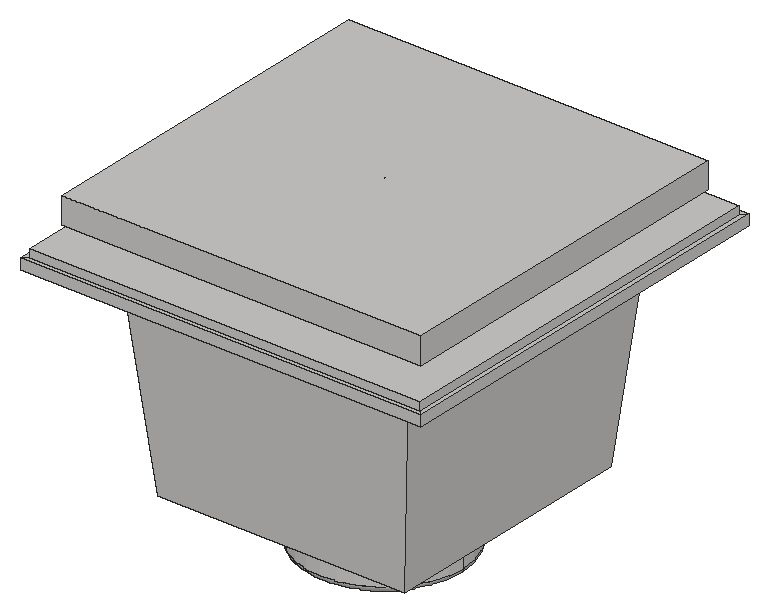
Revit family (continued)
Lines and regions (in)
  model lines
    curve 615: line (-6.70244, -2.85445, 0.4375) -> (-7.20244, -2.85445, 0.4375)
    curve 616: line (-6.70244, -2.35445, 0.4375) -> (-6.70244, -2.85445, 0.4375)
    curve 617: line (-7.20244, -3.21556, 0.4375) -> (-6.70244, -3.21556, 0.4375)
    curve 618: line (-7.20244, -3.71556, 0.4375) -> (-7.20244, -3.21556, 0.4375)
    curve 619: line (-6.70244, -3.71556, 0.4375) -> (-7.20244, -3.71556, 0.4375)
    curve 620: line (-6.70244, -3.21556, 0.4375) -> (-6.70244, -3.71556, 0.4375)
    curve 621: line (-7.20244, 4.53444, 0.4375) -> (-6.70244, 4.53444, 0.4375)
    curve 622: line (-7.20244, 4.03444, 0.4375) -> (-7.20244, 4.53444, 0.4375)
    curve 623: line (-6.70244, 4.03444, 0.4375) -> (-7.20244, 4.03444, 0.4375)
    curve 624: line (-6.70244, 4.53444, 0.4375) -> (-6.70244, 4.03444, 0.4375)
    curve 625: line (-3.98816, 6.25667, 0.4375) -> (-3.48816, 6.25667, 0.4375)
    curve 626: line (-3.98816, 5.75667, 0.4375) -> (-3.98816, 6.25667, 0.4375)
    curve 627: line (-3.48816, 5.75667, 0.4375) -> (-3.98816, 5.75667, 0.4375)
    curve 628: line (-3.48816, 6.25667, 0.4375) -> (-3.48816, 5.75667, 0.4375)
    curve 629: line (3.51184, 6.25667, 0.4375) -> (4.01184, 6.25667, 0.4375)
    curve 630: line (3.51184, 5.75667, 0.4375) -> (3.51184, 6.25667, 0.4375)
    curve 631: line (4.01184, 5.75667, 0.4375) -> (3.51184, 5.75667, 0.4375)
    curve 632: line (4.01184, 6.25667, 0.4375) -> (4.01184, 5.75667, 0.4375)
    curve 633: line (-2.91673, 6.25667, 0.4375) -> (-2.41673, 6.25667, 0.4375)
    curve 634: line (-2.91673, 5.75667, 0.4375) -> (-2.91673, 6.25667, 0.4375)
    curve 635: line (-2.41673, 5.75667, 0.4375) -> (-2.91673, 5.75667, 0.4375)
    curve 636: line (-2.41673, 6.25667, 0.4375) -> (-2.41673, 5.75667, 0.4375)
    curve 637: line (-1.8453, 6.25667, 0.4375) -> (-1.3453, 6.25667, 0.4375)
    curve 638: line (-1.8453, 5.75667, 0.4375) -> (-1.8453, 6.25667, 0.4375)
    curve 639: line (-1.3453, 5.75667, 0.4375) -> (-1.8453, 5.75667, 0.4375)
    curve 640: line (-1.3453, 6.25667, 0.4375) -> (-1.3453, 5.75667, 0.4375)
    curve 641: line (-0.77387, 6.25667, 0.4375) -> (-0.27387, 6.25667, 0.4375)
    curve 642: line (-0.77387, 5.75667, 0.4375) -> (-0.77387, 6.25667, 0.4375)
    curve 643: line (-0.27387, 5.75667, 0.4375) -> (-0.77387, 5.75667, 0.4375)
    curve 644: line (-0.27387, 6.25667, 0.4375) -> (-0.27387, 5.75667, 0.4375)
    curve 645: line (0.29756, 6.25667, 0.4375) -> (0.79756, 6.25667, 0.4375)
    curve 646: line (0.29756, 5.75667, 0.4375) -> (0.29756, 6.25667, 0.4375)
    curve 647: line (0.79756, 5.75667, 0.4375) -> (0.29756, 5.75667, 0.4375)
    curve 648: line (0.79756, 6.25667, 0.4375) -> (0.79756, 5.75667, 0.4375)
    curve 649: line (1.36898, 6.25667, 0.4375) -> (1.86898, 6.25667, 0.4375)
    curve 650: line (1.36898, 5.75667, 0.4375) -> (1.36898, 6.25667, 0.4375)
    curve 651: line (1.86898, 5.75667, 0.4375) -> (1.36898, 5.75667, 0.4375)
    curve 652: line (1.86898, 6.25667, 0.4375) -> (1.86898, 5.75667, 0.4375)
    curve 653: line (2.44041, 6.25667, 0.4375) -> (2.94041, 6.25667, 0.4375)
    curve 654: line (2.44041, 5.75667, 0.4375) -> (2.44041, 6.25667, 0.4375)
    curve 655: line (2.94041, 5.75667, 0.4375) -> (2.44041, 5.75667, 0.4375)
    curve 656: line (2.94041, 6.25667, 0.4375) -> (2.94041, 5.75667, 0.4375)
    curve 657: line (-3.98816, 5.39555, 0.4375) -> (-3.48816, 5.39555, 0.4375)
    curve 658: line (-3.98816, 4.89555, 0.4375) -> (-3.98816, 5.39555, 0.4375)
    curve 659: line (-3.48816, 4.89555, 0.4375) -> (-3.98816, 4.89555, 0.4375)
    curve 660: line (-3.48816, 5.39555, 0.4375) -> (-3.48816, 4.89555, 0.4375)
    curve 661: line (3.51184, 5.39555, 0.4375) -> (4.01184, 5.39555, 0.4375)
    curve 662: line (3.51184, 4.89555, 0.4375) -> (3.51184, 5.39555, 0.4375)
    curve 663: line (4.01184, 4.89555, 0.4375) -> (3.51184, 4.89555, 0.4375)
    curve 664: line (4.01184, 5.39555, 0.4375) -> (4.01184, 4.89555, 0.4375)
    curve 665: line (-2.91673, 5.39555, 0.4375) -> (-2.41673, 5.39555, 0.4375)
    curve 666: line (-2.91673, 4.89555, 0.4375) -> (-2.91673, 5.39555, 0.4375)
    curve 667: line (-2.41673, 4.89555, 0.4375) -> (-2.91673, 4.89555, 0.4375)
    curve 668: line (-2.41673, 5.39555, 0.4375) -> (-2.41673, 4.89555, 0.4375)
    curve 669: line (-1.8453, 5.39555, 0.4375) -> (-1.3453, 5.39555, 0.4375)
    curve 670: line (-1.8453, 4.89555, 0.4375) -> (-1.8453, 5.39555, 0.4375)
    curve 671: line (-1.3453, 4.89555, 0.4375) -> (-1.8453, 4.89555, 0.4375)
    curve 672: line (-1.3453, 5.39555, 0.4375) -> (-1.3453, 4.89555, 0.4375)
    curve 673: line (-0.77387, 5.39555, 0.4375) -> (-0.27387, 5.39555, 0.4375)
    curve 674: line (-0.77387, 4.89555, 0.4375) -> (-0.77387, 5.39555, 0.4375)
    curve 675: line (-0.27387, 4.89555, 0.4375) -> (-0.77387, 4.89555, 0.4375)
    curve 676: line (-0.27387, 5.39555, 0.4375) -> (-0.27387, 4.89555, 0.4375)
    curve 677: line (0.29756, 5.39555, 0.4375) -> (0.79756, 5.39555, 0.4375)
    curve 678: line (0.29756, 4.89555, 0.4375) -> (0.29756, 5.39555, 0.4375)
    curve 679: line (0.79756, 4.89555, 0.4375) -> (0.29756, 4.89555, 0.4375)
    curve 680: line (0.79756, 5.39555, 0.4375) -> (0.79756, 4.89555, 0.4375)
    curve 681: line (1.36898, 5.39555, 0.4375) -> (1.86898, 5.39555, 0.4375)
    curve 682: line (1.36898, 4.89555, 0.4375) -> (1.36898, 5.39555, 0.4375)
    curve 683: line (1.86898, 4.89555, 0.4375) -> (1.36898, 4.89555, 0.4375)
    curve 684: line (1.86898, 5.39555, 0.4375) -> (1.86898, 4.89555, 0.4375)
    curve 685: line (2.44041, 5.39555, 0.4375) -> (2.94041, 5.39555, 0.4375)
    curve 686: line (2.44041, 4.89555, 0.4375) -> (2.44041, 5.39555, 0.4375)
    curve 687: line (2.94041, 4.89555, 0.4375) -> (2.44041, 4.89555, 0.4375)
    curve 688: line (2.94041, 5.39555, 0.4375) -> (2.94041, 4.89555, 0.4375)
    curve 689: line (-3.98816, 7.11778, 0.4375) -> (-3.48816, 7.11778, 0.4375)
    curve 690: line (-3.98816, 6.61778, 0.4375) -> (-3.98816, 7.11778, 0.4375)
    curve 691: line (-3.48816, 6.61778, 0.4375) -> (-3.98816, 6.61778, 0.4375)
    curve 692: line (-3.48816, 7.11778, 0.4375) -> (-3.48816, 6.61778, 0.4375)
    curve 693: line (3.51184, 7.11778, 0.4375) -> (4.01184, 7.11778, 0.4375)
    curve 694: line (3.51184, 6.61778, 0.4375) -> (3.51184, 7.11778, 0.4375)
    curve 695: line (4.01184, 6.61778, 0.4375) -> (3.51184, 6.61778, 0.4375)
    curve 696: line (4.01184, 7.11778, 0.4375) -> (4.01184, 6.61778, 0.4375)
    curve 697: line (-2.91673, 7.11778, 0.4375) -> (-2.41673, 7.11778, 0.4375)
    curve 698: line (-2.91673, 6.61778, 0.4375) -> (-2.91673, 7.11778, 0.4375)
    curve 699: line (-2.41673, 6.61778, 0.4375) -> (-2.91673, 6.61778, 0.4375)
    curve 700: line (-2.41673, 7.11778, 0.4375) -> (-2.41673, 6.61778, 0.4375)
    curve 701: line (-1.8453, 7.11778, 0.4375) -> (-1.3453, 7.11778, 0.4375)
    curve 702: line (-1.8453, 6.61778, 0.4375) -> (-1.8453, 7.11778, 0.4375)
    curve 703: line (-1.3453, 6.61778, 0.4375) -> (-1.8453, 6.61778, 0.4375)
    curve 704: line (-1.3453, 7.11778, 0.4375) -> (-1.3453, 6.61778, 0.4375)
    curve 705: line (-0.77387, 7.11778, 0.4375) -> (-0.27387, 7.11778, 0.4375)
    curve 706: line (-0.77387, 6.61778, 0.4375) -> (-0.77387, 7.11778, 0.4375)
    curve 707: line (-0.27387, 6.61778, 0.4375) -> (-0.77387, 6.61778, 0.4375)
    curve 708: line (-0.27387, 7.11778, 0.4375) -> (-0.27387, 6.61778, 0.4375)
    curve 709: line (0.29756, 7.11778, 0.4375) -> (0.79756, 7.11778, 0.4375)
    curve 710: line (0.29756, 6.61778, 0.4375) -> (0.29756, 7.11778, 0.4375)
    curve 711: line (0.79756, 6.61778, 0.4375) -> (0.29756, 6.61778, 0.4375)
    curve 712: line (0.79756, 7.11778, 0.4375) -> (0.79756, 6.61778, 0.4375)
    curve 713: line (1.36898, 7.11778, 0.4375) -> (1.86898, 7.11778, 0.4375)
    curve 714: line (1.36898, 6.61778, 0.4375) -> (1.36898, 7.11778, 0.4375)
    curve 715: line (1.86898, 6.61778, 0.4375) -> (1.36898, 6.61778, 0.4375)
    curve 716: line (1.86898, 7.11778, 0.4375) -> (1.86898, 6.61778, 0.4375)
    curve 717: line (2.44041, 7.11778, 0.4375) -> (2.94041, 7.11778, 0.4375)
    curve 718: line (2.44041, 6.61778, 0.4375) -> (2.44041, 7.11778, 0.4375)
    curve 719: line (2.94041, 6.61778, 0.4375) -> (2.44041, 6.61778, 0.4375)
    curve 720: line (2.94041, 7.11778, 0.4375) -> (2.94041, 6.61778, 0.4375)
    curve 721: line (4.58327, 6.25667, 0.4375) -> (5.08327, 6.25667, 0.4375)
    curve 722: line (4.58327, 5.75667, 0.4375) -> (4.58327, 6.25667, 0.4375)
    curve 723: line (5.08327, 5.75667, 0.4375) -> (4.58327, 5.75667, 0.4375)
    curve 724: line (5.08327, 6.25667, 0.4375) -> (5.08327, 5.75667, 0.4375)
    curve 725: line (4.58327, 5.39555, 0.4375) -> (5.08327, 5.39555, 0.4375)
    curve 726: line (4.58327, 4.89555, 0.4375) -> (4.58327, 5.39555, 0.4375)
    curve 727: line (5.08327, 4.89555, 0.4375) -> (4.58327, 4.89555, 0.4375)
    curve 728: line (5.08327, 5.39555, 0.4375) -> (5.08327, 4.89555, 0.4375)
    curve 729: line (4.58327, 7.11778, 0.4375) -> (5.08327, 7.11778, 0.4375)
    curve 730: line (4.58327, 6.61778, 0.4375) -> (4.58327, 7.11778, 0.4375)
    curve 731: line (5.08327, 6.61778, 0.4375) -> (4.58327, 6.61778, 0.4375)
    curve 732: line (5.08327, 7.11778, 0.4375) -> (5.08327, 6.61778, 0.4375)
    curve 733: line (5.6547, 6.25667, 0.4375) -> (6.1547, 6.25667, 0.4375)
    curve 734: line (5.6547, 5.75667, 0.4375) -> (5.6547, 6.25667, 0.4375)
    curve 735: line (6.1547, 5.75667, 0.4375) -> (5.6547, 5.75667, 0.4375)
    curve 736: line (6.1547, 6.25667, 0.4375) -> (6.1547, 5.75667, 0.4375)
    curve 737: line (5.6547, 5.39555, 0.4375) -> (6.1547, 5.39555, 0.4375)
    curve 738: line (5.6547, 4.89555, 0.4375) -> (5.6547, 5.39555, 0.4375)
    curve 739: line (6.1547, 4.89555, 0.4375) -> (5.6547, 4.89555, 0.4375)
    curve 740: line (6.1547, 5.39555, 0.4375) -> (6.1547, 4.89555, 0.4375)
    curve 741: line (5.6547, 7.11778, 0.4375) -> (6.1547, 7.11778, 0.4375)
    curve 742: line (5.6547, 6.61778, 0.4375) -> (5.6547, 7.11778, 0.4375)
    curve 743: line (6.1547, 6.61778, 0.4375) -> (5.6547, 6.61778, 0.4375)
    curve 744: line (6.1547, 7.11778, 0.4375) -> (6.1547, 6.61778, 0.4375)
    curve 745: line (6.72613, 6.25667, 0.4375) -> (7.22613, 6.25667, 0.4375)
    curve 746: line (6.72613, 5.75667, 0.4375) -> (6.72613, 6.25667, 0.4375)
    curve 747: line (7.22613, 5.75667, 0.4375) -> (6.72613, 5.75667, 0.4375)
    curve 748: line (7.22613, 6.25667, 0.4375) -> (7.22613, 5.75667, 0.4375)
    curve 749: line (6.72613, 5.39555, 0.4375) -> (7.22613, 5.39555, 0.4375)
    curve 750: line (6.72613, 4.89555, 0.4375) -> (6.72613, 5.39555, 0.4375)
    curve 751: line (7.22613, 4.89555, 0.4375) -> (6.72613, 4.89555, 0.4375)
    curve 752: line (7.22613, 5.39555, 0.4375) -> (7.22613, 4.89555, 0.4375)
    curve 753: line (6.72613, 7.11778, 0.4375) -> (7.22613, 7.11778, 0.4375)
    curve 754: line (6.72613, 6.61778, 0.4375) -> (6.72613, 7.11778, 0.4375)
    curve 755: line (7.22613, 6.61778, 0.4375) -> (6.72613, 6.61778, 0.4375)
    curve 756: line (7.22613, 7.11778, 0.4375) -> (7.22613, 6.61778, 0.4375)
    curve 757: line (-6.13102, 6.25667, 0.4375) -> (-5.63102, 6.25667, 0.4375)
    curve 758: line (-6.13102, 5.75667, 0.4375) -> (-6.13102, 6.25667, 0.4375)
    curve 759: line (-5.63102, 5.75667, 0.4375) -> (-6.13102, 5.75667, 0.4375)
    curve 760: line (-5.63102, 6.25667, 0.4375) -> (-5.63102, 5.75667, 0.4375)
    curve 761: line (-5.05959, 6.25667, 0.4375) -> (-4.55959, 6.25667, 0.4375)
    curve 762: line (-5.05959, 5.75667, 0.4375) -> (-5.05959, 6.25667, 0.4375)
    curve 763: line (-4.55959, 5.75667, 0.4375) -> (-5.05959, 5.75667, 0.4375)
    curve 764: line (-4.55959, 6.25667, 0.4375) -> (-4.55959, 5.75667, 0.4375)
    curve 765: line (-6.13102, 5.39555, 0.4375) -> (-5.63102, 5.39555, 0.4375)
    curve 766: line (-6.13102, 4.89555, 0.4375) -> (-6.13102, 5.39555, 0.4375)
    curve 767: line (-5.63102, 4.89555, 0.4375) -> (-6.13102, 4.89555, 0.4375)
    curve 768: line (-5.63102, 5.39555, 0.4375) -> (-5.63102, 4.89555, 0.4375)
    curve 769: line (-5.05959, 5.39555, 0.4375) -> (-4.55959, 5.39555, 0.4375)
    curve 770: line (-5.05959, 4.89555, 0.4375) -> (-5.05959, 5.39555, 0.4375)
    curve 771: line (-4.55959, 4.89555, 0.4375) -> (-5.05959, 4.89555, 0.4375)
    curve 772: line (-4.55959, 5.39555, 0.4375) -> (-4.55959, 4.89555, 0.4375)
    curve 773: line (-6.13102, 7.11778, 0.4375) -> (-5.63102, 7.11778, 0.4375)
    curve 774: line (-6.13102, 6.61778, 0.4375) -> (-6.13102, 7.11778, 0.4375)
    curve 775: line (-5.63102, 6.61778, 0.4375) -> (-6.13102, 6.61778, 0.4375)
    curve 776: line (-5.63102, 7.11778, 0.4375) -> (-5.63102, 6.61778, 0.4375)
    curve 777: line (-5.05959, 7.11778, 0.4375) -> (-4.55959, 7.11778, 0.4375)
    curve 778: line (-5.05959, 6.61778, 0.4375) -> (-5.05959, 7.11778, 0.4375)
    curve 779: line (-4.55959, 6.61778, 0.4375) -> (-5.05959, 6.61778, 0.4375)
    curve 780: line (-4.55959, 7.11778, 0.4375) -> (-4.55959, 6.61778, 0.4375)
    curve 781: line (-7.20244, 6.25667, 0.4375) -> (-6.70244, 6.25667, 0.4375)
    curve 782: line (-7.20244, 5.75667, 0.4375) -> (-7.20244, 6.25667, 0.4375)
    curve 783: line (-6.70244, 5.75667, 0.4375) -> (-7.20244, 5.75667, 0.4375)
    curve 784: line (-6.70244, 6.25667, 0.4375) -> (-6.70244, 5.75667, 0.4375)
    curve 785: line (-7.20244, 5.39555, 0.4375) -> (-6.70244, 5.39555, 0.4375)
    curve 786: line (-7.20244, 4.89555, 0.4375) -> (-7.20244, 5.39555, 0.4375)
    curve 787: line (-6.70244, 4.89555, 0.4375) -> (-7.20244, 4.89555, 0.4375)
    curve 788: line (-6.70244, 5.39555, 0.4375) -> (-6.70244, 4.89555, 0.4375)
    curve 789: line (-7.20244, 7.11778, 0.4375) -> (-6.70244, 7.11778, 0.4375)
    curve 790: line (-7.20244, 6.61778, 0.4375) -> (-7.20244, 7.11778, 0.4375)
    curve 791: line (-6.70244, 6.61778, 0.4375) -> (-7.20244, 6.61778, 0.4375)
    curve 792: line (-6.70244, 7.11778, 0.4375) -> (-6.70244, 6.61778, 0.4375)
    curve 793: line (-3.98816, -4.93778, 0.4375) -> (-3.48816, -4.93778, 0.4375)
    curve 794: line (-3.98816, -5.43778, 0.4375) -> (-3.98816, -4.93778, 0.4375)
    curve 795: line (-3.48816, -5.43778, 0.4375) -> (-3.98816, -5.43778, 0.4375)
    curve 796: line (-3.48816, -4.93778, 0.4375) -> (-3.48816, -5.43778, 0.4375)
    curve 797: line (3.51184, -4.93778, 0.4375) -> (4.01184, -4.93778, 0.4375)
    curve 798: line (3.51184, -5.43778, 0.4375) -> (3.51184, -4.93778, 0.4375)
    curve 799: line (4.01184, -5.43778, 0.4375) -> (3.51184, -5.43778, 0.4375)
    curve 800: line (4.01184, -4.93778, 0.4375) -> (4.01184, -5.43778, 0.4375)
    curve 801: line (-2.91673, -4.93778, 0.4375) -> (-2.41673, -4.93778, 0.4375)
    curve 802: line (-2.91673, -5.43778, 0.4375) -> (-2.91673, -4.93778, 0.4375)
    curve 803: line (-2.41673, -5.43778, 0.4375) -> (-2.91673, -5.43778, 0.4375)
    curve 804: line (-2.41673, -4.93778, 0.4375) -> (-2.41673, -5.43778, 0.4375)
    curve 805: line (-1.8453, -4.93778, 0.4375) -> (-1.3453, -4.93778, 0.4375)
    curve 806: line (-1.8453, -5.43778, 0.4375) -> (-1.8453, -4.93778, 0.4375)
    curve 807: line (-1.3453, -5.43778, 0.4375) -> (-1.8453, -5.43778, 0.4375)
    curve 808: line (-1.3453, -4.93778, 0.4375) -> (-1.3453, -5.43778, 0.4375)
    curve 809: line (-0.77387, -4.93778, 0.4375) -> (-0.27387, -4.93778, 0.4375)
    curve 810: line (-0.77387, -5.43778, 0.4375) -> (-0.77387, -4.93778, 0.4375)
    curve 811: line (-0.27387, -5.43778, 0.4375) -> (-0.77387, -5.43778, 0.4375)
    curve 812: line (-0.27387, -4.93778, 0.4375) -> (-0.27387, -5.43778, 0.4375)
    curve 813: line (0.29756, -4.93778, 0.4375) -> (0.79756, -4.93778, 0.4375)
    curve 814: line (0.29756, -5.43778, 0.4375) -> (0.29756, -4.93778, 0.4375)
    curve 815: line (0.79756, -5.43778, 0.4375) -> (0.29756, -5.43778, 0.4375)
    curve 816: line (0.79756, -4.93778, 0.4375) -> (0.79756, -5.43778, 0.4375)
    curve 817: line (1.36898, -4.93778, 0.4375) -> (1.86898, -4.93778, 0.4375)
    curve 818: line (1.36898, -5.43778, 0.4375) -> (1.36898, -4.93778, 0.4375)
    curve 819: line (1.86898, -5.43778, 0.4375) -> (1.36898, -5.43778, 0.4375)
    curve 820: line (1.86898, -4.93778, 0.4375) -> (1.86898, -5.43778, 0.4375)
    curve 821: line (2.44041, -4.93778, 0.4375) -> (2.94041, -4.93778, 0.4375)
    curve 822: line (2.44041, -5.43778, 0.4375) -> (2.44041, -4.93778, 0.4375)
    curve 823: line (2.94041, -5.43778, 0.4375) -> (2.44041, -5.43778, 0.4375)
    curve 824: line (2.94041, -4.93778, 0.4375) -> (2.94041, -5.43778, 0.4375)
    curve 825: line (-3.98816, -5.79889, 0.4375) -> (-3.48816, -5.79889, 0.4375)
    curve 826: line (-3.98816, -6.29889, 0.4375) -> (-3.98816, -5.79889, 0.4375)
    curve 827: line (-3.48816, -6.29889, 0.4375) -> (-3.98816, -6.29889, 0.4375)
    curve 828: line (-3.48816, -5.79889, 0.4375) -> (-3.48816, -6.29889, 0.4375)
    curve 829: line (3.51184, -5.79889, 0.4375) -> (4.01184, -5.79889, 0.4375)
    curve 830: line (3.51184, -6.29889, 0.4375) -> (3.51184, -5.79889, 0.4375)
    curve 831: line (4.01184, -6.29889, 0.4375) -> (3.51184, -6.29889, 0.4375)
    curve 832: line (4.01184, -5.79889, 0.4375) -> (4.01184, -6.29889, 0.4375)
    curve 833: line (-2.91673, -5.79889, 0.4375) -> (-2.41673, -5.79889, 0.4375)
    curve 834: line (-2.91673, -6.29889, 0.4375) -> (-2.91673, -5.79889, 0.4375)
    curve 835: line (-2.41673, -6.29889, 0.4375) -> (-2.91673, -6.29889, 0.4375)
    curve 836: line (-2.41673, -5.79889, 0.4375) -> (-2.41673, -6.29889, 0.4375)
    curve 837: line (-1.8453, -5.79889, 0.4375) -> (-1.3453, -5.79889, 0.4375)
    curve 838: line (-1.8453, -6.29889, 0.4375) -> (-1.8453, -5.79889, 0.4375)
    curve 839: line (-1.3453, -6.29889, 0.4375) -> (-1.8453, -6.29889, 0.4375)
    curve 840: line (-1.3453, -5.79889, 0.4375) -> (-1.3453, -6.29889, 0.4375)
    curve 841: line (-0.77387, -5.79889, 0.4375) -> (-0.27387, -5.79889, 0.4375)
    curve 842: line (-0.77387, -6.29889, 0.4375) -> (-0.77387, -5.79889, 0.4375)
    curve 843: line (-0.27387, -6.29889, 0.4375) -> (-0.77387, -6.29889, 0.4375)
    curve 844: line (-0.27387, -5.79889, 0.4375) -> (-0.27387, -6.29889, 0.4375)
    curve 845: line (0.29756, -5.79889, 0.4375) -> (0.79756, -5.79889, 0.4375)
    curve 846: line (0.29756, -6.29889, 0.4375) -> (0.29756, -5.79889, 0.4375)
    curve 847: line (0.79756, -6.29889, 0.4375) -> (0.29756, -6.29889, 0.4375)
    curve 848: line (0.79756, -5.79889, 0.4375) -> (0.79756, -6.29889, 0.4375)
    curve 849: line (1.36898, -5.79889, 0.4375) -> (1.86898, -5.79889, 0.4375)
    curve 850: line (1.36898, -6.29889, 0.4375) -> (1.36898, -5.79889, 0.4375)
    curve 851: line (1.86898, -6.29889, 0.4375) -> (1.36898, -6.29889, 0.4375)
    curve 852: line (1.86898, -5.79889, 0.4375) -> (1.86898, -6.29889, 0.4375)
    curve 853: line (2.44041, -5.79889, 0.4375) -> (2.94041, -5.79889, 0.4375)
    curve 854: line (2.44041, -6.29889, 0.4375) -> (2.44041, -5.79889, 0.4375)
    curve 855: line (2.94041, -6.29889, 0.4375) -> (2.44041, -6.29889, 0.4375)
    curve 856: line (2.94041, -5.79889, 0.4375) -> (2.94041, -6.29889, 0.4375)
    curve 857: line (-3.98816, -6.66, 0.4375) -> (-3.48816, -6.66, 0.4375)
    curve 858: line (-3.98816, -7.16, 0.4375) -> (-3.98816, -6.66, 0.4375)
    curve 859: line (-3.48816, -7.16, 0.4375) -> (-3.98816, -7.16, 0.4375)
    curve 860: line (-3.48816, -6.66, 0.4375) -> (-3.48816, -7.16, 0.4375)
    curve 861: line (3.51184, -6.66, 0.4375) -> (4.01184, -6.66, 0.4375)
    curve 862: line (3.51184, -7.16, 0.4375) -> (3.51184, -6.66, 0.4375)
    curve 863: line (4.01184, -7.16, 0.4375) -> (3.51184, -7.16, 0.4375)
    curve 864: line (4.01184, -6.66, 0.4375) -> (4.01184, -7.16, 0.4375)
    curve 865: line (-2.91673, -6.66, 0.4375) -> (-2.41673, -6.66, 0.4375)
    curve 866: line (-2.91673, -7.16, 0.4375) -> (-2.91673, -6.66, 0.4375)
    curve 867: line (-2.41673, -7.16, 0.4375) -> (-2.91673, -7.16, 0.4375)
    curve 868: line (-2.41673, -6.66, 0.4375) -> (-2.41673, -7.16, 0.4375)
    curve 869: line (-1.8453, -6.66, 0.4375) -> (-1.3453, -6.66, 0.4375)
    curve 870: line (-1.8453, -7.16, 0.4375) -> (-1.8453, -6.66, 0.4375)
    curve 871: line (-1.3453, -7.16, 0.4375) -> (-1.8453, -7.16, 0.4375)
    curve 872: line (-1.3453, -6.66, 0.4375) -> (-1.3453, -7.16, 0.4375)
    curve 873: line (-0.77387, -6.66, 0.4375) -> (-0.27387, -6.66, 0.4375)
    curve 874: line (-0.77387, -7.16, 0.4375) -> (-0.77387, -6.66, 0.4375)
    curve 875: line (-0.27387, -7.16, 0.4375) -> (-0.77387, -7.16, 0.4375)
    curve 876: line (-0.27387, -6.66, 0.4375) -> (-0.27387, -7.16, 0.4375)
    curve 877: line (0.29756, -6.66, 0.4375) -> (0.79756, -6.66, 0.4375)
    curve 878: line (0.29756, -7.16, 0.4375) -> (0.29756, -6.66, 0.4375)
    curve 879: line (0.79756, -7.16, 0.4375) -> (0.29756, -7.16, 0.4375)
    curve 880: line (0.79756, -6.66, 0.4375) -> (0.79756, -7.16, 0.4375)
    curve 881: line (1.36898, -6.66, 0.4375) -> (1.86898, -6.66, 0.4375)
    curve 882: line (1.36898, -7.16, 0.4375) -> (1.36898, -6.66, 0.4375)
    curve 883: line (1.86898, -7.16, 0.4375) -> (1.36898, -7.16, 0.4375)
    curve 884: line (1.86898, -6.66, 0.4375) -> (1.86898, -7.16, 0.4375)
    curve 885: line (2.44041, -6.66, 0.4375) -> (2.94041, -6.66, 0.4375)
    curve 886: line (2.44041, -7.16, 0.4375) -> (2.44041, -6.66, 0.4375)
    curve 887: line (2.94041, -7.16, 0.4375) -> (2.44041, -7.16, 0.4375)
    curve 888: line (2.94041, -6.66, 0.4375) -> (2.94041, -7.16, 0.4375)
    curve 889: line (4.58327, -4.93778, 0.4375) -> (5.08327, -4.93778, 0.4375)
    curve 890: line (4.58327, -5.43778, 0.4375) -> (4.58327, -4.93778, 0.4375)
    curve 891: line (5.08327, -5.43778, 0.4375) -> (4.58327, -5.43778, 0.4375)
    curve 892: line (5.08327, -4.93778, 0.4375) -> (5.08327, -5.43778, 0.4375)
    curve 893: line (4.58327, -5.79889, 0.4375) -> (5.08327, -5.79889, 0.4375)
    curve 894: line (4.58327, -6.29889, 0.4375) -> (4.58327, -5.79889, 0.4375)
    curve 895: line (5.08327, -6.29889, 0.4375) -> (4.58327, -6.29889, 0.4375)
    curve 896: line (5.08327, -5.79889, 0.4375) -> (5.08327, -6.29889, 0.4375)
    curve 897: line (4.58327, -6.66, 0.4375) -> (5.08327, -6.66, 0.4375)
    curve 898: line (4.58327, -7.16, 0.4375) -> (4.58327, -6.66, 0.4375)
    curve 899: line (5.08327, -7.16, 0.4375) -> (4.58327, -7.16, 0.4375)
    curve 900: line (5.08327, -6.66, 0.4375) -> (5.08327, -7.16, 0.4375)
    curve 901: line (5.6547, -4.93778, 0.4375) -> (6.1547, -4.93778, 0.4375)
    curve 902: line (5.6547, -5.43778, 0.4375) -> (5.6547, -4.93778, 0.4375)
    curve 903: line (6.1547, -5.43778, 0.4375) -> (5.6547, -5.43778, 0.4375)
    curve 904: line (6.1547, -4.93778, 0.4375) -> (6.1547, -5.43778, 0.4375)
    curve 905: line (5.6547, -5.79889, 0.4375) -> (6.1547, -5.79889, 0.4375)
    curve 906: line (5.6547, -6.29889, 0.4375) -> (5.6547, -5.79889, 0.4375)
    curve 907: line (6.1547, -6.29889, 0.4375) -> (5.6547, -6.29889, 0.4375)
    curve 908: line (6.1547, -5.79889, 0.4375) -> (6.1547, -6.29889, 0.4375)
    curve 909: line (5.6547, -6.66, 0.4375) -> (6.1547, -6.66, 0.4375)
    curve 910: line (5.6547, -7.16, 0.4375) -> (5.6547, -6.66, 0.4375)
    curve 911: line (6.1547, -7.16, 0.4375) -> (5.6547, -7.16, 0.4375)
    curve 912: line (6.1547, -6.66, 0.4375) -> (6.1547, -7.16, 0.4375)
    curve 913: line (6.72613, -4.93778, 0.4375) -> (7.22613, -4.93778, 0.4375)
    curve 914: line (6.72613, -5.43778, 0.4375) -> (6.72613, -4.93778, 0.4375)
    curve 915: line (7.22613, -5.43778, 0.4375) -> (6.72613, -5.43778, 0.4375)
    curve 916: line (7.22613, -4.93778, 0.4375) -> (7.22613, -5.43778, 0.4375)
    curve 917: line (6.72613, -5.79889, 0.4375) -> (7.22613, -5.79889, 0.4375)
    curve 918: line (6.72613, -6.29889, 0.4375) -> (6.72613, -5.79889, 0.4375)
    curve 919: line (7.22613, -6.29889, 0.4375) -> (6.72613, -6.29889, 0.4375)
    curve 920: line (7.22613, -5.79889, 0.4375) -> (7.22613, -6.29889, 0.4375)
    curve 921: line (6.72613, -6.66, 0.4375) -> (7.22613, -6.66, 0.4375)
    curve 922: line (6.72613, -7.16, 0.4375) -> (6.72613, -6.66, 0.4375)
    curve 923: line (7.22613, -7.16, 0.4375) -> (6.72613, -7.16, 0.4375)
    curve 924: line (7.22613, -6.66, 0.4375) -> (7.22613, -7.16, 0.4375)
    curve 925: line (-6.13102, -4.93778, 0.4375) -> (-5.63102, -4.93778, 0.4375)
    curve 926: line (-6.13102, -5.43778, 0.4375) -> (-6.13102, -4.93778, 0.4375)
    curve 927: line (-5.63102, -5.43778, 0.4375) -> (-6.13102, -5.43778, 0.4375)
    curve 928: line (-5.63102, -4.93778, 0.4375) -> (-5.63102, -5.43778, 0.4375)
    curve 929: line (-5.05959, -4.93778, 0.4375) -> (-4.55959, -4.93778, 0.4375)
    curve 930: line (-5.05959, -5.43778, 0.4375) -> (-5.05959, -4.93778, 0.4375)
    curve 931: line (-4.55959, -5.43778, 0.4375) -> (-5.05959, -5.43778, 0.4375)
    curve 932: line (-4.55959, -4.93778, 0.4375) -> (-4.55959, -5.43778, 0.4375)
    curve 933: line (-6.13102, -5.79889, 0.4375) -> (-5.63102, -5.79889, 0.4375)
    curve 934: line (-6.13102, -6.29889, 0.4375) -> (-6.13102, -5.79889, 0.4375)
    curve 935: line (-5.63102, -6.29889, 0.4375) -> (-6.13102, -6.29889, 0.4375)
    curve 936: line (-5.63102, -5.79889, 0.4375) -> (-5.63102, -6.29889, 0.4375)
    curve 937: line (-5.05959, -5.79889, 0.4375) -> (-4.55959, -5.79889, 0.4375)
    curve 938: line (-5.05959, -6.29889, 0.4375) -> (-5.05959, -5.79889, 0.4375)
    curve 939: line (-4.55959, -6.29889, 0.4375) -> (-5.05959, -6.29889, 0.4375)
    curve 940: line (-4.55959, -5.79889, 0.4375) -> (-4.55959, -6.29889, 0.4375)
    curve 941: line (-6.13102, -6.66, 0.4375) -> (-5.63102, -6.66, 0.4375)
    curve 942: line (-6.13102, -7.16, 0.4375) -> (-6.13102, -6.66, 0.4375)
    curve 943: line (-5.63102, -7.16, 0.4375) -> (-6.13102, -7.16, 0.4375)
    curve 944: line (-5.63102, -6.66, 0.4375) -> (-5.63102, -7.16, 0.4375)
    curve 945: line (-5.05959, -6.66, 0.4375) -> (-4.55959, -6.66, 0.4375)
    curve 946: line (-5.05959, -7.16, 0.4375) -> (-5.05959, -6.66, 0.4375)
    curve 947: line (-4.55959, -7.16, 0.4375) -> (-5.05959, -7.16, 0.4375)
    curve 948: line (-4.55959, -6.66, 0.4375) -> (-4.55959, -7.16, 0.4375)
    curve 949: line (-7.20244, -4.93778, 0.4375) -> (-6.70244, -4.93778, 0.4375)
    curve 950: line (-7.20244, -5.43778, 0.4375) -> (-7.20244, -4.93778, 0.4375)
    curve 951: line (-6.70244, -5.43778, 0.4375) -> (-7.20244, -5.43778, 0.4375)
    curve 952: line (-6.70244, -4.93778, 0.4375) -> (-6.70244, -5.43778, 0.4375)
    curve 953: line (-7.20244, -5.79889, 0.4375) -> (-6.70244, -5.79889, 0.4375)
    curve 954: line (-7.20244, -6.29889, 0.4375) -> (-7.20244, -5.79889, 0.4375)
    curve 955: line (-6.70244, -6.29889, 0.4375) -> (-7.20244, -6.29889, 0.4375)
    curve 956: line (-6.70244, -5.79889, 0.4375) -> (-6.70244, -6.29889, 0.4375)
    curve 957: line (-7.20244, -6.66, 0.4375) -> (-6.70244, -6.66, 0.4375)
    curve 958: line (-7.20244, -7.16, 0.4375) -> (-7.20244, -6.66, 0.4375)
    curve 959: line (-6.70244, -7.16, 0.4375) -> (-7.20244, -7.16, 0.4375)
    curve 960: line (-6.70244, -6.66, 0.4375) -> (-6.70244, -7.16, 0.4375)
Dimensions and locks (in)
  equal spacing: plane 4, plane 3 "Center (Left/Right)", plane 5
  "Pipe Diameter": plane 4 to plane 5
  equal spacing: Sweep 3 sketch curve, plane 3 "Center (Left/Right)", Sweep 3 sketch curve
  equal spacing: Sweep 3 sketch curve, plane 1 "Center (Front/Back)", Sweep 3 sketch curve
  Sweep 3 sketch curve to Sweep 3 sketch curve = 16 1/2"
  Sweep 3 sketch curve to Sweep 3 sketch curve = 16.04473"
  aligned and locked: Extrusion 2 to Revolve 1  (x2)
  aligned and locked: Sweep 4 to curve 324
Automatic sketch dimensions
  Extrusion 2 sketch curve to plane 1 "Center (Front/Back)" = 0"
  Extrusion 2 sketch curve to plane 3 "Center (Left/Right)" = 0"
  Extrusion 2 sketch curve to plane 3 "Center (Left/Right)" = 4.88415"
  plane 3 "Center (Left/Right)" to Extrusion 2 sketch curve = 4.88415"
  plane 1 "Center (Front/Back)" to Extrusion 2 sketch curve = 5.11178"
  Extrusion 2 sketch curve to plane 1 "Center (Front/Back)" = 5.11178"
  Sweep 4 sketch curve to plane 3 "Center (Left/Right)" = 5.97763"
  plane 3 "Center (Left/Right)" to Sweep 4 sketch curve = 6.02237"
  plane 1 "Center (Front/Back)" to Sweep 4 sketch curve = 6"
  Sweep 4 sketch curve to plane 1 "Center (Front/Back)" = 6"
  profile plane to Sweep 4 sketch curve = 2 1/4"
  profile plane to Sweep 4 sketch curve = 1.71922"
  Sweep 4 sketch curve to Sweep 4 sketch curve = 7.71033"
  Sweep 4 sketch curve to profile plane = 0.03892"
  Sweep 4 sketch curve to Sweep 4 sketch curve = 0.73409"
  profile plane to Sweep 3 sketch curve = 1.17885"
  Sweep 3 sketch curve to Sweep 3 sketch curve = 0.2378"
  Sweep 3 sketch curve to level = 0.09537"
  Sweep 3 sketch curve to profile plane = 0.38731"
  Sweep 3 sketch curve to Sweep 3 sketch curve = 0.78243"
  Sweep 3 sketch curve to Sweep 3 sketch curve = 0.11995"
  Sweep 3 sketch curve to Sweep 3 sketch curve = 0.10586"
  Sweep 3 sketch curve to Sweep 3 sketch curve = 0.56086"
  Sweep 3 sketch curve to profile plane = 2.34522"
  Sweep 3 sketch curve to Sweep 3 sketch curve = 0.54231"
  Sweep 3 sketch curve to Sweep 3 sketch curve = 0.25069"
  Sweep 3 sketch curve to level = 0.42464"
  Sweep 3 sketch curve to Sweep 3 sketch curve = 1.18902"
  Sweep 3 sketch curve to Sweep 3 sketch curve = 0.34531"
  Sweep 3 sketch curve to Sweep 3 sketch curve = 0.02098"
  Sweep 3 sketch curve to Sweep 3 sketch curve = 0.47691"
  Sweep 3 sketch curve to Sweep 3 sketch curve = 1.04934"
  Sweep 3 sketch curve to Sweep 3 sketch curve = 8.90188"
  Sweep 3 sketch curve to Sweep 3 sketch curve = 0.5122"
  profile plane to Sweep 4 sketch curve = 7/16"
  Revolve 1 sketch curve to plane 3 "Center (Left/Right)" = 0"
  Revolve 1 sketch curve to plane 4 = 0"
  Revolve 1 sketch curve to Revolve 1 sketch curve = 13/64"
  Revolve 1 sketch curve to Revolve 1 sketch curve = 1/8"
  Revolve 1 sketch curve to Revolve 1 sketch curve = 0.05632"
  Revolve 1 sketch curve to Revolve 1 sketch curve = 0.0614"
  Revolve 1 sketch curve to Revolve 1 sketch curve = 1/4"
  Revolve 1 sketch curve to Revolve 1 sketch curve = 0.00547"
  Revolve 1 sketch curve to Revolve 1 sketch curve = 0.14402"
  Revolve 1 sketch curve to Revolve 1 sketch curve = 0.22069"
  Revolve 1 sketch curve to level = 61.28055"
  Revolve 1 sketch curve to level = 14 5/8"
  Revolve 1 sketch curve to Revolve 1 sketch curve = 0.27951"
  Revolve 1 sketch curve to Revolve 1 sketch curve = 1.92708"
  Revolve 1 sketch curve to Revolve 1 sketch curve = 0"
  Revolve 1 sketch curve to Revolve 1 sketch curve = 0.50236"
  level to Revolve 1 sketch curve = 85.5284"
  curve 321 to curve 325 = 0.45851"
  curve 327 to curve 958 = 1.21976"
  curve 955 to curve 957 = 0.36111"
  curve 325 to curve 581 = 4.16067"
  curve 951 to curve 953 = 0.36111"
  curve 585 to curve 949 = 0.86111"
  curve 589 to curve 582 = 0.36111"  (x2)
  curve 593 to curve 590 = 0.36111"
  curve 597 to curve 594 = 0.36111"
  curve 601 to curve 598 = 0.36111"  (x2)
  curve 605 to curve 602 = 0.36111"  (x2)
  curve 325 to curve 791 = 1.30499"
  curve 609 to curve 606 = 0.36111"
  curve 787 to curve 581 = 1.22222"
  curve 613 to curve 610 = 0.36111"
  curve 783 to curve 785 = 0.36111"
  curve 617 to curve 614 = 0.36111"  (x2)
  curve 621 to curve 786 = 0.36111"
  curve 958 to curve 960 = 1/2"
  curve 956 to curve 957 = 0.36111"
  curve 622 to curve 624 = 1/2"
  curve 952 to curve 953 = 0.36111"
  curve 618 to curve 620 = 1/2"
  curve 581 to curve 623 = 0.36111"  (x2)
  curve 616 to curve 617 = 0.36111"
  curve 781 to curve 781 = 1/2"
  curve 612 to curve 613 = 0.36111"
  curve 785 to curve 783 = 0.36111"  (x2)
  curve 608 to curve 609 = 0.36111"
  curve 789 to curve 789 = 1/2"
  curve 604 to curve 605 = 0.36111"
  curve 600 to curve 601 = 0.36111"
  curve 585 to curve 619 = 0.36111"
  curve 596 to curve 597 = 0.36111"
  curve 589 to curve 583 = 0.36111"
  curve 959 to curve 942 = 0.57143"
  curve 935 to curve 941 = 0.36111"
  curve 927 to curve 933 = 0.36111"
  curve 791 to curve 775 = 0.57143"
  curve 787 to curve 767 = 0.57143"
  curve 623 to curve 575 = 0.57143"
  curve 619 to curve 567 = 0.57143"  (x2)
  curve 559 to curve 565 = 0.36111"
  curve 551 to curve 557 = 0.36111"
  curve 543 to curve 549 = 0.36111"
  curve 535 to curve 541 = 0.36111"
  curve 527 to curve 533 = 0.36111"
  curve 519 to curve 525 = 0.36111"
  curve 511 to curve 517 = 0.36111"
  curve 503 to curve 925 = 0.36111"
  curve 495 to curve 509 = 0.36111"
  curve 757 to curve 774 = 0.36111"  (x2)
  curve 541 to curve 544 = 1/2"
  curve 493 to curve 493 = 1/2"
  curve 758 to curve 759 = 1/2"  (x2)
  curve 576 to curve 493 = 0.36111"
  curve 566 to curve 568 = 1/2"
  curve 501 to curve 567 = 0.36111"
  curve 560 to curve 565 = 0.36111"
  curve 765 to curve 759 = 0.36111"
  curve 552 to curve 557 = 0.36111"
  curve 509 to curve 495 = 0.36111"
  curve 536 to curve 541 = 0.36111"
  curve 528 to curve 533 = 0.36111"
  curve 773 to curve 773 = 1/2"
  curve 517 to curve 511 = 0.36111"  (x2)
  curve 925 to curve 503 = 0.36111"
  curve 933 to curve 927 = 0.36111"
  curve 935 to curve 939 = 0.57143"
  curve 775 to curve 779 = 0.57143"
  curve 493 to curve 497 = 0.57143"
  curve 761 to curve 778 = 0.36111"  (x2)
  curve 519 to curve 523 = 0.57143"
  curve 579 to curve 497 = 0.36111"
  curve 931 to curve 937 = 0.36111"
  curve 567 to curve 571 = 0.57143"
  curve 515 to curve 521 = 0.36111"
  curve 529 to curve 522 = 0.36111"
  curve 563 to curve 569 = 0.36111"
  curve 505 to curve 570 = 0.36111"
  curve 771 to curve 577 = 0.36111"
  curve 945 to curve 938 = 0.36111"  (x2)
  curve 555 to curve 561 = 0.36111"
  curve 537 to curve 530 = 0.36111"  (x2)
  curve 547 to curve 553 = 0.36111"
  curve 546 to curve 547 = 1/2"
  curve 769 to curve 772 = 1/2"
  curve 506 to curve 508 = 1/2"  (x2)
  curve 946 to curve 947 = 1/2"
  curve 540 to curve 545 = 0.36111"
  curve 777 to curve 777 = 1/2"  (x2)
  curve 553 to curve 547 = 0.36111"
  curve 513 to curve 513 = 1/2"
  curve 532 to curve 537 = 0.36111"
  curve 764 to curve 769 = 0.36111"
  curve 561 to curve 555 = 0.36111"
  curve 500 to curve 513 = 0.36111"
  curve 569 to curve 563 = 0.36111"  (x2)
  curve 521 to curve 515 = 0.36111"  (x2)
  curve 929 to curve 507 = 0.36111"
  curve 577 to curve 771 = 0.36111"  (x2)
  curve 940 to curve 945 = 0.36111"
  curve 939 to curve 826 = 0.57143"
  curve 769 to curve 658 = 0.57143"
  curve 777 to curve 689 = 0.57143"
  curve 553 to curve 225 = 0.57143"
  curve 579 to curve 331 = 0.57143"
  curve 627 to curve 657 = 0.36111"
  curve 513 to curve 65 = 0.57143"
  curve 857 to curve 826 = 0.36111"
  curve 195 to curve 225 = 0.36111"
  curve 97 to curve 66 = 0.36111"
  curve 1 to curve 330 = 0.36111"  (x3)
  curve 571 to curve 291 = 0.57143"
  curve 163 to curve 193 = 0.36111"
  curve 131 to curve 161 = 0.36111"
  curve 795 to curve 825 = 0.36111"
  curve 35 to curve 793 = 0.36111"
  curve 259 to curve 289 = 0.36111"
  curve 290 to curve 292 = 1/2"
  curve 257 to curve 257 = 1/2"
  curve 1 to curve 1 = 1/2"
  curve 825 to curve 828 = 1/2"
  curve 329 to curve 329 = 1/2"
  curve 657 to curve 657 = 1/2"  (x2)
  curve 225 to curve 228 = 1/2"
  curve 857 to curve 827 = 0.36111"
  curve 196 to curve 225 = 0.36111"
  curve 690 to curve 692 = 1/2"
  curve 97 to curve 97 = 1/2"
  curve 68 to curve 97 = 0.36111"
  curve 164 to curve 193 = 0.36111"
  curve 129 to curve 99 = 0.36111"  (x2)
  curve 33 to curve 291 = 0.36111"
  curve 793 to curve 35 = 0.36111"
  curve 628 to curve 657 = 0.36111"
  curve 131 to curve 139 = 0.57143"
  curve 827 to curve 834 = 0.57143"
  curve 803 to curve 833 = 0.36111"
  curve 43 to curve 801 = 0.36111"
  curve 289 to curve 297 = 0.57143"
  curve 625 to curve 633 = 0.57143"
  curve 169 to curve 138 = 0.36111"
  curve 97 to curve 105 = 0.57143"  (x2)
  curve 659 to curve 667 = 0.57143"
  curve 65 to curve 73 = 0.57143"
  curve 227 to curve 235 = 0.57143"
  curve 331 to curve 339 = 0.57143"
  curve 859 to curve 867 = 0.57143"
  curve 11 to curve 73 = 0.36111"
  curve 267 to curve 297 = 0.36111"
  curve 201 to curve 170 = 0.36111"  (x2)
  curve 689 to curve 697 = 0.57143"
  curve 73 to curve 76 = 1/2"
  curve 698 to curve 699 = 1/2"
  curve 834 to curve 836 = 1/2"
  curve 202 to curve 204 = 1/2"
  curve 41 to curve 41 = 1/2"
  curve 865 to curve 835 = 0.36111"
  curve 804 to curve 833 = 0.36111"
  curve 337 to curve 337 = 1/2"
  curve 233 to curve 203 = 0.36111"  (x2)
  curve 172 to curve 201 = 0.36111"
  curve 300 to curve 41 = 0.36111"
  curve 140 to curve 169 = 0.36111"
  curve 12 to curve 73 = 0.36111"
  curve 633 to curve 699 = 0.36111"  (x2)
  curve 668 to curve 337 = 0.36111"
  curve 105 to curve 75 = 0.36111"
  curve 268 to curve 297 = 0.36111"
  curve 833 to curve 838 = 0.57143"
  curve 635 to curve 639 = 0.57143"
  curve 299 to curve 303 = 0.57143"
  curve 171 to curve 174 = 0.57143"
  curve 265 to curve 269 = 0.57143"
  curve 669 to curve 638 = 0.36111"  (x2)
  curve 233 to curve 237 = 0.57143"
  curve 45 to curve 302 = 0.36111"  (x2)
  curve 805 to curve 46 = 0.36111"  (x2)
  curve 9 to curve 13 = 0.57143"
  curve 703 to curve 637 = 0.36111"
  curve 143 to curve 173 = 0.36111"
  curve 343 to curve 13 = 0.36111"
  curve 105 to curve 109 = 0.57143"
  curve 77 to curve 14 = 0.36111"
  curve 205 to curve 174 = 0.36111"
  curve 838 to curve 839 = 1/2"
  curve 238 to curve 240 = 1/2"
  curve 14 to curve 16 = 1/2"
  curve 208 to curve 237 = 0.36111"
  curve 78 to curve 80 = 1/2"
  curve 110 to curve 111 = 1/2"
  curve 701 to curve 701 = 1/2"
  curve 141 to curve 111 = 0.36111"
  curve 808 to curve 837 = 0.36111"
  curve 341 to curve 341 = 1/2"
  curve 640 to curve 703 = 0.36111"
  curve 48 to curve 805 = 0.36111"
  curve 869 to curve 840 = 0.36111"  (x2)
  curve 270 to curve 272 = 1/2"
  curve 672 to curve 341 = 0.36111"
  curve 301 to curve 271 = 0.36111"  (x2)
  curve 176 to curve 205 = 0.36111"
  curve 301 to curve 305 = 0.57143"
  curve 173 to curve 177 = 0.57143"
  curve 871 to curve 875 = 0.57143"  (x2)
  curve 15 to curve 19 = 0.57143"
  curve 147 to curve 177 = 0.36111"
  curve 701 to curve 706 = 0.57143"
  curve 843 to curve 873 = 0.36111"
  curve 109 to curve 113 = 0.57143"
  curve 209 to curve 178 = 0.36111"  (x2)
  curve 241 to curve 210 = 0.36111"  (x2)
  curve 83 to curve 113 = 0.36111"
  curve 805 to curve 809 = 0.57143"
  curve 341 to curve 345 = 0.57143"
  curve 51 to curve 809 = 0.36111"
  curve 275 to curve 305 = 0.36111"
  curve 675 to curve 345 = 0.36111"
  curve 643 to curve 673 = 0.36111"
  curve 50 to curve 51 = 1/2"
  curve 113 to curve 113 = 1/2"
  curve 177 to curve 177 = 1/2"
  curve 810 to curve 812 = 1/2"
  curve 642 to curve 643 = 1/2"
  curve 345 to curve 348 = 1/2"
  curve 18 to curve 20 = 1/2"
  curve 273 to curve 273 = 1/2"
  curve 145 to curve 115 = 0.36111"  (x2)
  curve 705 to curve 705 = 1/2"
  curve 84 to curve 113 = 0.36111"
  curve 676 to curve 345 = 0.36111"
  curve 308 to curve 49 = 0.36111"
  curve 873 to curve 873 = 1/2"
  curve 844 to curve 873 = 0.36111"
  curve 209 to curve 179 = 0.36111"
  curve 241 to curve 211 = 0.36111"  (x2)
  curve 241 to curve 245 = 0.57143"
  curve 277 to curve 246 = 0.36111"  (x2)
  curve 347 to curve 350 = 0.57143"
  curve 809 to curve 813 = 0.57143"
  curve 209 to curve 213 = 0.57143"
  curve 707 to curve 711 = 0.57143"
  curve 145 to curve 150 = 0.57143"
  curve 181 to curve 150 = 0.36111"
  curve 845 to curve 814 = 0.36111"  (x3)
  curve 309 to curve 278 = 0.36111"  (x3)
  curve 55 to curve 813 = 0.36111"
  curve 119 to curve 149 = 0.36111"
  curve 81 to curve 85 = 0.57143"
  curve 21 to curve 350 = 0.36111"  (x3)
  curve 643 to curve 647 = 0.57143"
  curve 679 to curve 349 = 0.36111"
  curve 310 to curve 312 = 1/2"
  curve 678 to curve 679 = 1/2"
  curve 846 to curve 848 = 1/2"
  curve 149 to curve 149 = 1/2"
  curve 709 to curve 709 = 1/2"
  curve 182 to curve 184 = 1/2"
  curve 877 to curve 847 = 0.36111"  (x2)
  curve 349 to curve 679 = 0.36111"
  curve 277 to curve 277 = 1/2"
  curve 245 to curve 245 = 1/2"
  curve 213 to curve 183 = 0.36111"
  curve 813 to curve 813 = 1/2"
  curve 56 to curve 813 = 0.36111"
  curve 120 to curve 149 = 0.36111"
  curve 85 to curve 85 = 1/2"
  curve 648 to curve 677 = 0.36111"
  curve 21 to curve 351 = 0.36111"
  curve 813 to curve 818 = 0.57143"
  curve 645 to curve 649 = 0.57143"
  curve 351 to curve 355 = 0.57143"
  curve 215 to curve 219 = 0.57143"
  curve 85 to curve 89 = 0.57143"
  curve 849 to curve 818 = 0.36111"  (x2)
  curve 681 to curve 650 = 0.36111"  (x2)
  curve 247 to curve 251 = 0.57143"
  curve 187 to curve 217 = 0.36111"
  curve 709 to curve 713 = 0.57143"  (x2)
  curve 881 to curve 850 = 0.36111"  (x2)
  curve 25 to curve 354 = 0.36111"
  curve 281 to curve 250 = 0.36111"  (x2)
  curve 59 to curve 817 = 0.36111"
  curve 119 to curve 123 = 0.57143"
  curve 155 to curve 185 = 0.36111"
  curve 315 to curve 57 = 0.36111"
  curve 313 to curve 313 = 1/2"  (x2)
  curve 57 to curve 315 = 0.36111"
  curve 881 to curve 884 = 1/2"
  curve 25 to curve 25 = 1/2"
  curve 249 to curve 249 = 1/2"
  curve 714 to curve 716 = 1/2"
  curve 185 to curve 185 = 1/2"
  curve 281 to curve 251 = 0.36111"
  curve 153 to curve 153 = 1/2"
  curve 682 to curve 684 = 1/2"
  curve 121 to curve 121 = 1/2"
  curve 852 to curve 881 = 0.36111"
  curve 92 to curve 121 = 0.36111"
  curve 817 to curve 59 = 0.36111"
  curve 217 to curve 187 = 0.36111"
  curve 353 to curve 683 = 0.36111"  (x3)
  curve 649 to curve 715 = 0.36111"
  curve 649 to curve 653 = 0.57143"
  curve 57 to curve 61 = 0.57143"
  curve 719 to curve 653 = 0.36111"
  curve 251 to curve 255 = 0.57143"
  curve 355 to curve 359 = 0.57143"
  curve 217 to curve 221 = 0.57143"
  curve 29 to curve 358 = 0.36111"
  curve 185 to curve 189 = 0.57143"
  curve 819 to curve 823 = 0.57143"
  curve 313 to curve 317 = 0.57143"
  curve 287 to curve 317 = 0.36111"
  curve 93 to curve 30 = 0.36111"
  curve 126 to curve 94 = 0.36111"
  curve 159 to curve 189 = 0.36111"
  curve 853 to curve 822 = 0.36111"
  curve 685 to curve 654 = 0.36111"
  curve 685 to curve 688 = 1/2"
  curve 853 to curve 856 = 1/2"
  curve 285 to curve 285 = 1/2"
  curve 157 to curve 157 = 1/2"
  curve 62 to curve 64 = 1/2"
  curve 222 to curve 224 = 1/2"
  curve 125 to curve 125 = 1/2"
  curve 96 to curve 125 = 0.36111"
  curve 885 to curve 855 = 0.36111"
  curve 192 to curve 221 = 0.36111"
  curve 32 to curve 93 = 0.36111"
  curve 253 to curve 223 = 0.36111"
  curve 320 to curve 61 = 0.36111"
  curve 821 to curve 63 = 0.36111"  (x2)
  curve 357 to curve 687 = 0.36111"  (x2)
  curve 717 to curve 717 = 1/2"
  curve 656 to curve 685 = 0.36111"
  curve 157 to curve 133 = 0.57143"
  curve 103 to curve 133 = 0.36111"  (x2)
  curve 887 to curve 863 = 0.57143"
  curve 357 to curve 333 = 0.57143"
  curve 221 to curve 197 = 0.57143"
  curve 719 to curve 695 = 0.57143"
  curve 287 to curve 263 = 0.57143"
  curve 821 to curve 798 = 0.57143"
  curve 61 to curve 37 = 0.57143"
  curve 831 to curve 861 = 0.36111"
  curve 293 to curve 262 = 0.36111"  (x3)
  curve 663 to curve 333 = 0.36111"
  curve 229 to curve 198 = 0.36111"
  curve 71 to curve 101 = 0.36111"
  curve 631 to curve 661 = 0.36111"
  curve 7 to curve 69 = 0.36111"
  curve 167 to curve 197 = 0.36111"
  curve 797 to curve 800 = 1/2"
  curve 165 to curve 165 = 1/2"
  curve 5 to curve 5 = 1/2"
  curve 40 to curve 797 = 0.36111"
  curve 133 to curve 136 = 1/2"
  curve 296 to curve 37 = 0.36111"
  curve 862 to curve 864 = 1/2"  (x2)
  curve 197 to curve 167 = 0.36111"  (x2)
  curve 832 to curve 861 = 0.36111"
  curve 72 to curve 101 = 0.36111"
  curve 229 to curve 199 = 0.36111"
  curve 629 to curve 629 = 1/2"
  curve 661 to curve 631 = 0.36111"
  curve 261 to curve 231 = 0.36111"  (x2)
  curve 336 to curve 5 = 0.36111"
  curve 693 to curve 693 = 1/2"
  curve 629 to curve 721 = 0.57143"
  curve 725 to curve 722 = 0.36111"  (x2)
  curve 797 to curve 889 = 0.57143"
  curve 693 to curve 729 = 0.57143"
  curve 5 to curve 361 = 0.57143"
  curve 893 to curve 890 = 0.36111"  (x2)
  curve 37 to curve 365 = 0.57143"  (x2)
  curve 897 to curve 894 = 0.36111"  (x3)
  curve 369 to curve 362 = 0.36111"  (x3)
  curve 403 to curve 361 = 0.36111"
  curve 399 to curve 365 = 0.36111"
  curve 373 to curve 370 = 0.36111"
  curve 395 to curve 397 = 0.36111"
  curve 377 to curve 374 = 0.36111"
  curve 391 to curve 393 = 0.36111"
  curve 381 to curve 378 = 0.36111"  (x2)
  curve 387 to curve 389 = 0.36111"
  curve 722 to curve 724 = 1/2"
  curve 385 to curve 385 = 1/2"
  curve 732 to curve 721 = 0.36111"
  curve 384 to curve 385 = 0.36111"
  curve 725 to curve 723 = 0.36111"  (x2)
  curve 389 to curve 387 = 0.36111"  (x2)
  curve 380 to curve 381 = 0.36111"
  curve 393 to curve 391 = 0.36111"
  curve 376 to curve 377 = 0.36111"
  curve 397 to curve 395 = 0.36111"
  curve 372 to curve 373 = 0.36111"
  curve 401 to curve 727 = 0.36111"  (x2)
  curve 889 to curve 889 = 1/2"
  curve 361 to curve 403 = 0.36111"
  curve 893 to curve 891 = 0.36111"
  curve 368 to curve 889 = 0.36111"
  curve 369 to curve 414 = 0.57143"
  curve 417 to curve 414 = 0.36111"  (x2)
  curve 367 to curve 411 = 0.57143"
  curve 727 to curve 739 = 0.57143"
  curve 891 to curve 903 = 0.57143"
  curve 905 to curve 902 = 0.36111"
  curve 421 to curve 418 = 0.36111"  (x2)
  curve 407 to curve 413 = 0.36111"
  curve 425 to curve 422 = 0.36111"
  curve 429 to curve 426 = 0.36111"
  curve 735 to curve 737 = 0.36111"
  curve 433 to curve 430 = 0.36111"  (x2)
  curve 729 to curve 741 = 0.57143"
  curve 437 to curve 434 = 0.36111"
  curve 909 to curve 906 = 0.36111"
  curve 441 to curve 438 = 0.36111"
  curve 445 to curve 738 = 0.36111"  (x2)
  curve 446 to curve 447 = 1/2"
  curve 910 to curve 912 = 1/2"
  curve 442 to curve 444 = 1/2"
  curve 742 to curve 744 = 1/2"  (x2)
  curve 908 to curve 909 = 0.36111"
  curve 440 to curve 441 = 0.36111"
  curve 740 to curve 445 = 0.36111"
  curve 904 to curve 905 = 0.36111"
  curve 736 to curve 737 = 0.36111"
  curve 436 to curve 437 = 0.36111"
  curve 432 to curve 433 = 0.36111"
  curve 428 to curve 429 = 0.36111"
  curve 424 to curve 425 = 0.36111"
  curve 420 to curve 421 = 0.36111"
  curve 416 to curve 417 = 0.36111"
  curve 412 to curve 901 = 0.36111"
  curve 408 to curve 413 = 0.36111"
  curve 425 to curve 469 = 0.57143"
  curve 467 to curve 469 = 0.36111"
  curve 463 to curve 465 = 0.36111"
  curve 459 to curve 461 = 0.36111"
  curve 411 to curve 455 = 0.57143"
  curve 451 to curve 457 = 0.36111"
  curve 733 to curve 745 = 0.57143"
  curve 491 to curve 449 = 0.36111"
  curve 913 to curve 454 = 0.36111"  (x3)
  curve 917 to curve 914 = 0.36111"
  curve 487 to curve 453 = 0.36111"
  curve 749 to curve 746 = 0.36111"  (x2)
  curve 921 to curve 918 = 0.36111"
  curve 483 to curve 485 = 0.36111"
  curve 479 to curve 481 = 0.36111"
  curve 741 to curve 753 = 0.57143"
  curve 475 to curve 477 = 0.36111"
  curve 921 to curve 924 = 1/2"
  curve 920 to curve 921 = 0.36111"
  curve 916 to curve 917 = 0.36111"
  curve 754 to curve 756 = 1/2"  (x2)
  curve 750 to curve 752 = 1/2"  (x2)
  curve 748 to curve 749 = 0.36111"
  curve 473 to curve 473 = 1/2"
  curve 477 to curve 475 = 0.36111"
  curve 449 to curve 449 = 1/2"
  curve 453 to curve 453 = 1/2"
  curve 457 to curve 451 = 0.36111"  (x2)
  curve 461 to curve 459 = 0.36111"  (x2)
  curve 465 to curve 463 = 0.36111"  (x2)
  curve 469 to curve 467 = 0.36111"
  curve 492 to curve 449 = 0.36111"
  curve 488 to curve 453 = 0.36111"
  curve 484 to curve 485 = 0.36111"
  curve 325 to curve 323 = 0.45851"
  curve 323 to curve 327 = 0.45851"
  curve 883 to curve 881 = 1/2"
  curve 959 to curve 960 = 1/2"
  curve 899 to curve 897 = 1/2"
  curve 910 to curve 909 = 1/2"  (x2)
  curve 879 to curve 880 = 1/2"
  curve 875 to curve 876 = 1/2"
  curve 886 to curve 885 = 1/2"  (x2)
  curve 947 to curve 948 = 1/2"
  curve 943 to curve 944 = 1/2"
  curve 858 to curve 857 = 1/2"  (x2)
  curve 871 to curve 872 = 1/2"
  curve 862 to curve 861 = 1/2"
  curve 867 to curve 868 = 1/2"
  curve 923 to curve 924 = 1/2"
  curve 921 to curve 919 = 0.36111"
  curve 941 to curve 934 = 0.36111"
  curve 885 to curve 856 = 0.36111"
  curve 881 to curve 852 = 0.36111"
  curve 877 to curve 848 = 0.36111"
  curve 957 to curve 954 = 0.36111"  (x2)
  curve 909 to curve 908 = 0.36111"
  curve 873 to curve 844 = 0.36111"
  curve 865 to curve 836 = 0.36111"
  curve 861 to curve 832 = 0.36111"
  curve 857 to curve 828 = 0.36111"
  curve 852 to curve 849 = 1/2"  (x2)
  curve 954 to curve 954 = 1/2"
  curve 895 to curve 896 = 1/2"
  curve 940 to curve 940 = 1/2"
  curve 826 to curve 825 = 1/2"
  curve 935 to curve 936 = 1/2"
  curve 830 to curve 829 = 1/2"
  curve 834 to curve 833 = 1/2"
  curve 919 to curve 920 = 1/2"
  curve 906 to curve 905 = 1/2"  (x2)
  curve 838 to curve 837 = 1/2"
  curve 842 to curve 841 = 1/2"
  curve 855 to curve 856 = 1/2"
  curve 846 to curve 845 = 1/2"
  curve 937 to curve 932 = 0.36111"
  curve 833 to curve 803 = 0.36111"
  curve 918 to curve 914 = 0.36111"
  curve 838 to curve 806 = 0.36111"
  curve 829 to curve 800 = 0.36111"
  curve 842 to curve 810 = 0.36111"
  curve 825 to curve 796 = 0.36111"
  curve 933 to curve 926 = 0.36111"
  curve 905 to curve 904 = 0.36111"
  curve 893 to curve 892 = 0.36111"
  curve 853 to curve 824 = 0.36111"
  curve 953 to curve 950 = 0.36111"  (x2)
  curve 902 to curve 902 = 1/2"
  curve 951 to curve 952 = 1/2"
  curve 930 to curve 930 = 1/2"
  curve 927 to curve 928 = 1/2"
  curve 794 to curve 793 = 1/2"  (x2)
  curve 798 to curve 797 = 1/2"  (x2)
  curve 915 to curve 916 = 1/2"
  curve 802 to curve 801 = 1/2"  (x2)
  curve 890 to curve 889 = 1/2"
  curve 806 to curve 805 = 1/2"
  curve 810 to curve 809 = 1/2"
  curve 823 to curve 824 = 1/2"
  curve 819 to curve 820 = 1/2"
  curve 814 to curve 813 = 1/2"
  curve 813 to curve 54 = 0.36111"
  curve 901 to curve 410 = 0.36111"
  curve 889 to curve 367 = 0.36111"
  curve 801 to curve 43 = 0.36111"
  curve 809 to curve 50 = 0.36111"
  curve 949 to curve 588 = 0.36111"
  curve 817 to curve 60 = 0.36111"
  curve 797 to curve 40 = 0.36111"
  curve 793 to curve 36 = 0.36111"
  curve 925 to curve 502 = 0.36111"  (x2)
  curve 929 to curve 506 = 0.36111"
  curve 59 to curve 60 = 1/2"
  curve 410 to curve 409 = 1/2"
  curve 63 to curve 64 = 1/2"
  curve 454 to curve 453 = 1/2"
  curve 367 to curve 368 = 1/2"
  curve 502 to curve 501 = 1/2"
  curve 506 to curve 505 = 1/2"
  curve 55 to curve 56 = 1/2"
  curve 51 to curve 52 = 1/2"
  curve 586 to curve 585 = 1/2"
  curve 47 to curve 48 = 1/2"
  curve 43 to curve 44 = 1/2"
  curve 39 to curve 40 = 1/2"
  curve 35 to curve 36 = 1/2"
  curve 365 to curve 399 = 0.36111"  (x2)
  curve 453 to curve 487 = 0.36111"
  curve 505 to curve 572 = 0.36111"
  curve 501 to curve 568 = 0.36111"
  curve 33 to curve 290 = 0.36111"
  curve 585 to curve 618 = 0.36111"  (x2)
  curve 37 to curve 294 = 0.36111"
  curve 41 to curve 298 = 0.36111"
  curve 409 to curve 443 = 0.36111"
  curve 61 to curve 320 = 0.36111"
  curve 49 to curve 306 = 0.36111"
  curve 57 to curve 316 = 0.36111"
  curve 53 to curve 310 = 0.36111"
  curve 314 to curve 313 = 1/2"
  curve 310 to curve 310 = 1/2"
  curve 307 to curve 308 = 1/2"
  curve 318 to curve 317 = 1/2"
  curve 303 to curve 304 = 1/2"
  curve 398 to curve 397 = 1/2"
  curve 443 to curve 444 = 1/2"
  curve 299 to curve 300 = 1/2"
  curve 566 to curve 565 = 1/2"
  curve 487 to curve 488 = 1/2"
  curve 295 to curve 296 = 1/2"
  curve 619 to curve 620 = 1/2"
  curve 291 to curve 292 = 1/2"
  curve 570 to curve 569 = 1/2"
  curve 397 to curve 396 = 0.36111"
  curve 305 to curve 274 = 0.36111"  (x2)
  curve 441 to curve 440 = 0.36111"
  curve 289 to curve 259 = 0.36111"
  curve 569 to curve 564 = 0.36111"
  curve 313 to curve 282 = 0.36111"
